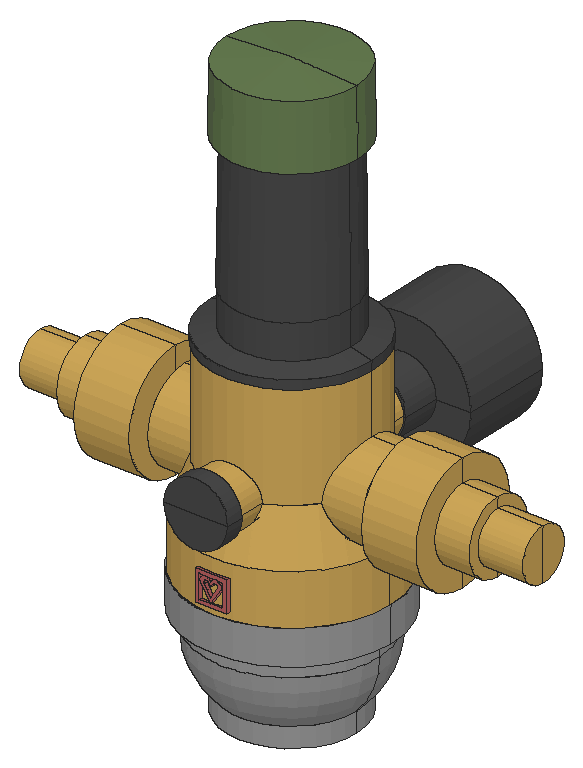
Revit family "Мембранный редуктор давления с крышкой фильтрующего элемента из прозрачного пластика 2682", category Rohrzubehör, Revit 2021
Family settings
  Bemaßung runder Anschluss = Durchmesser verwenden
  Teiletyp = Unterbricht
  OmniClass-Nummer = 23.65.55.14
  OmniClass-Titel = Valves for Liquid Services
  Arbeitsebenenbasiert = Nein
  Immer vertikal = Ja
  Beim Laden mit Abzugskörper schneiden = Nein
  Gemeinsam genutzt = Nein
Parameters (values of type "Манометр сзади")
  Фильтрующий элемент = "нержавеющая сталь, размер ячейки 0.3 мм"  # constant formula
  Пружина = "пружинная сталь"  # constant formula
  Примечание = "В соответствии со статьей 33 Регламента REACH (Registration; Evaluation; Authorisation; Restriction of Chemicals) (EC № 1907/2006) мы обязаны указать, что свинец внесен в список SVHC (Substances of Very High Concern - вещества очень высокой важности) и весовой процент свинца во всех латунных компонентах заводского изготовления в наших изделиях, превышает 0,1 % (w/w) (CAS: 7439-92-1 / EINECS: 231-100-4).\r\nПоскольку свинец является легирующим компонентом сплава, прямое негативное влияние исключается, и поэтому дополнительной информации о безопасном использовании не требуется."
  Область применения = "Мембранный редуктор давления защищает установки от избыточного давления (снижает давление на входе до рабочего уровня).\r\nРедуктор также может использоваться в системах отопления для защиты водонагревателя от высокого давления.\r\nДавление на выходе настраивается в указанном диапазоне и не зависит от изменения давления на входе.\r\nДавление на выходе можно регулировать путем поворота зеленого маховика. \r\nПри повороте маховика по часовой стрелке увеличивается давление на выходе.\r\nПревышение значений, указанных на шкале редуктора, может привести к повреждению устройства.\r\nДля систем в частных домах рекомендуется установить давление на выходе равным 4 бара, что обеспечивает длительный срок службы изделия и низкие затраты во время его эксплуатации.\r\nПосле изменения настройки необходимо открыть и затем закрыть водоразборный кран и далее проконтролировать достигнутое значение настроенного давления по манометру при закрытом кране водоразбора."
  Номер заказа [instance] = size_lookup("2682_K_", "Artnr", 0, Nennweite)  # 1268211
  Направляющая пружины = "нержавеющая сталь"  # constant formula
  Маховик = "пластик PA6.6, зеленого цвета"  # constant formula
  Макс. рабочая температура = 40 °C  # constant formula
  Букса = "PA6.6"  # constant formula
  Заводская настройка давления на выходе = 300000.0 Pa  # constant formula
  W01 = 91.00°  # constant formula
  Vorne [instance] = no
  Vorgabe-Ansicht = 0.000 mm
  VRL03 [instance] = size_lookup("2682_K_", "VRL3", 1.000 mm, Nennweite)  # 23.500 mm
  VRL02 [instance] = size_lookup("2682_K_", "VRL2", 1.000 mm, Nennweite)  # 16.000 mm
  VRL01 [instance] = size_lookup("2682_K_", "VRL1", 1.000 mm, Nennweite)  # 73.500 mm
  VRD02 [instance] = size_lookup("2682_K_", "VRD2", 1.000 mm, Nennweite)  # 17.000 mm
  VRD01 [instance] = size_lookup("2682_K_", "VRD1", 1.000 mm, Nennweite)  # 10.500 mm
  VRAG [instance] = Nennweite / 2  # 7.500 mm
  URL = "www.herz-armaturen.ru"
  Стандарт = "EN 1567"  # constant formula
  SC_NennweiteBerechnet = 0
  SC_Dimension = ""
  SCTWSEQ = "AW;SBT_TYP_AW=\"111\";2"
  SCTWCODE = "04;24;02"  # constant formula
  S02 = 10.000 mm  # constant formula
  S01 [instance] = VRD02 * 2  # 34.000 mm
  R07 [instance] = R05 + 0.800 mm  # 9.300 mm
  R06 = 19.500 mm  # constant formula
  R05 [instance] = size_lookup("2682_K_", "R5", 1.000 mm, Nennweite)  # 8.500 mm
  R04 [instance] = size_lookup("2682_K_", "R4", 1.000 mm, Nennweite)  # 18.900 mm
  R03 [instance] = size_lookup("2682_K_", "R3", 1.000 mm, Nennweite)  # 19.250 mm
  R02 [instance] = size_lookup("2682_K_", "R2", 1.000 mm, Nennweite)  # 28.750 mm
  R01 [instance] = size_lookup("2682_K_", "R1", 1.000 mm, Nennweite)  # 23.250 mm
  Nennweite [instance] = 15.000 mm
  Мембрана = "EPDM"  # constant formula
  Среда = "Питьевая вода"  # constant formula
  Макс. давление на входе = 1600000.0 Pa  # constant formula
  Шкала манометра = "0 - 10 bar"  # constant formula
  Подключение манометра (с обеих сторон) = "1/4\" F (ISO 228-1)"
  LO01 [instance] = H02 - 2.000 mm  # 27.000 mm
  L01 [instance] = size_lookup("2682_K_", "L1", 1.000 mm, Nennweite)  # 10.600 mm
  L00 [instance] = size_lookup("2682_K_", "L", 1.000 mm, Nennweite)  # 84.000 mm
  Крышка = "пластик PA12, прозрачный"  # constant formula
  Соединение "американка" = "латунь CW617N"  # constant formula
  Hinten [instance] = yes
  Hersteller = "HERZ Armaturen Ges.m.b.H."  # constant formula
  H12 [instance] = size_lookup("2682_K_", "H12", 1.000 mm, Nennweite)  # 5.800 mm
  H11 [instance] = size_lookup("2682_K_", "H11", 1.000 mm, Nennweite)  # 10.000 mm
  H10 [instance] = size_lookup("2682_K_", "H10", 1.000 mm, Nennweite)  # 37.000 mm
  H09 [instance] = H01 + H04 - H05  # 84.500 mm
  H08 [instance] = size_lookup("2682_K_", "H8", 1.000 mm, Nennweite)  # 20.000 mm
  H07 [instance] = size_lookup("2682_K_", "H7", 1.000 mm, Nennweite)  # 10.000 mm
  H06 [instance] = size_lookup("2682_K_", "H6", 1.000 mm, Nennweite)  # 2.500 mm
  H05 [instance] = size_lookup("2682_K_", "H5", 1.000 mm, Nennweite)  # 4.700 mm
  H04 [instance] = size_lookup("2682_K_", "H4", 1.000 mm, Nennweite)  # 58.700 mm
  H03 [instance] = D02 + 1.000 mm  # 14.220 mm
  H02 [instance] = size_lookup("2682_K_", "H2", 1.000 mm, Nennweite)  # 29.000 mm
  H01 [instance] = size_lookup("2682_K_", "H1", 1.000 mm, Nennweite)  # 30.500 mm
  Корпус (DN32-DN50) = "литая латунь (EN 1982; CC770S)"  # constant formula
  Корпус (DN15-DN25) = "штампованная латунь (EN 12165; CW626N)"  # constant formula
  GT1 [instance] = size_lookup("2682_K_", "GT1", 1.000 mm, Nennweite)  # 12.000 mm
  GT [instance] = size_lookup("2682_K_", "GT", 1.000 mm, Nennweite)  # 13.200 mm
  Диапазон настройки выходного давления = "1.5 - 6 bar"  # constant formula
  Уплотнение в мембранном редукторе = "EPDM"  # constant formula
  Уплотнение соединения "американка" = "Klingersil C-4324"  # constant formula
  D09 [instance] = size_lookup("2682_K_", "D9", 1.000 mm, Nennweite)  # 19.000 mm
  D08 [instance] = size_lookup("2682_K_", "D8", 1.000 mm, Nennweite)  # 25.800 mm
  D07 [instance] = size_lookup("2682_K_", "D7", 1.000 mm, Nennweite)  # 29.000 mm
  D06 [instance] = size_lookup("2682_K_", "D6", 1.000 mm, Nennweite)  # 16.000 mm
  D05 [instance] = size_lookup("2682_K_", "D5", 1.000 mm, Nennweite)  # 16.800 mm
  D04 [instance] = size_lookup("2682_K_", "D4", 1.000 mm, Nennweite)  # 17.300 mm
  D03 [instance] = size_lookup("2682_K_", "D3", 1.000 mm, Nennweite)  # 23.500 mm
  D02 [instance] = size_lookup("2682_K_", "D2", 1.000 mm, Nennweite)  # 13.220 mm
  D01 [instance] = size_lookup("2682_K_", "D1", 1.000 mm, Nennweite)  # 9.525 mm
  B03 = 5.000 mm  # constant formula
  B02 = 26.000 mm  # constant formula
  B01 [instance] = size_lookup("2682_K_", "B1", 1.000 mm, Nennweite)  # 30.000 mm
  B00 [instance] = size_lookup("2682_K_", "B", 1.000 mm, Nennweite)  # 67.000 mm
  Наружная резьба подключения = "в соответствии с ISO 7-1 и ISO228"  # constant formula
Types (3, lengths in mm): name | Vorne | Hinten
  (no name) | no | yes
  Манометр спереди | yes | no
  Манометр сзади | no | yes
Reference planes
  plane 1 "Mitte (Vorne/hinten)": y = 0
  plane 2: z = 0
  plane 3 "Mitte (Links/rechts)": x = 0
Forms (mm)
  Revolve 1, solid, material "Messing, weicher Gelbton, geschweißt", detail levels fine
    sketch origin (0, 0, 0) x (1, 0, 0) y (0, 0, 1)
      loop
        line (-42, 0) -> (42, 0) -> (42, 9.525) -> (31.4, 9.525) -> (31.4, 13.22) -> (-31.4, 13.22) -> (-31.4, 9.525) -> (-42, 9.525) -> (-42, 0)
      axis (-42, 0) -> (42, 0)
    angle from 0 to 360
  Revolve 2, solid, material "Messing, weicher Gelbton, geschweißt", detail levels fine
    sketch origin (0, 0, 0) x (1, 0, 0) y (0, 0, 1)
      loop
        line (0, -29) -> (28.75, -29) -> (28.75, -14.22) -> (23.25, 0) -> (23.25, 30.5) -> (0, 30.5) -> (0, -29)
      axis (0, 30.5) -> (0, -29)
    angle from 0 to 360
  Revolve 3, solid, material "Acetalharz, Schwarz", detail levels fine
    sketch origin (0, 0, 0) x (1, 0, 0) y (0, 0, 1)
      loop
        line (0, 30.5) -> (0, 89.2) -> (-16, 89.2) -> (-16, 84.5) -> (-16.8, 84.5) -> (-17.3, 44.5) -> (-17.3, 34.5) -> (-23.5, 33) -> (-23.5, 30.5) -> (0, 30.5)
      axis (0, 89.2) -> (0, 30.5)
    angle from 0 to 360
  Revolve 4, solid, material "Kunststoff GRÜN", detail levels fine
    sketch origin (0, 0, 0) x (1, 0, 0) y (0, 0, 1)
      loop
        line (0, 84.5) -> (19.25, 84.5) -> (18.9, 103.392)
        arc (18.9, 103.392) -> (9.466, 104.223) -> (0, 104.5) r 161.794
        line (0, 104.5) -> (0, 84.5)
      axis (0, 104.5) -> (0, 84.5)
    angle from 0 to 360
  Revolve 5, solid, material "Kunststoff, transparent", detail levels fine
    sketch origin (0, 0, 0) x (1, 0, 0) y (0, 0, 1)
      loop
        line (0, -29) -> (0, -66) -> (19, -66) -> (19, -60.2)
        arc (19, -60.2) -> (24.034, -52.577) -> (25.8, -43.615) r 23.626
        line (25.8, -43.615) -> (25.8, -39) -> (29, -39) -> (29, -29) -> (0, -29)
      axis (0, -29) -> (0, -66)
    angle from 0 to 360
  Revolve 6, solid, material "Messing, weicher Gelbton, geschweißt", detail levels fine
    sketch origin (0, 0, 0) x (1, 0, 0) y (0, 0, 1)
      loop
        line (34, 9.525) -> (46, 9.525) -> (46, 0) -> (73.5, 0) -> (73.5, 7.5) -> (60.3, 7.5) -> (60.3, 10.5) -> (50, 10.5) -> (50, 17) -> (34, 17) -> (34, 9.525)
      loop
        line (-34, 9.525) -> (-34, 17) -> (-50, 17) -> (-50, 10.5) -> (-60.3, 10.5) -> (-60.3, 7.5) -> (-73.5, 7.5) -> (-73.5, 0) -> (-46, 0) -> (-46, 9.525) -> (-34, 9.525)
      axis (-73.5, 0) -> (73.5, 0)
    angle from 0 to 360
  Revolve 7, solid, material "Messing, weicher Gelbton, geschweißt", detail levels fine
    sketch origin (0, 0, 0) x (1, 0, 0) y (0, 1, 0)
      loop
        line (0, 30) -> (0, -30) -> (8.5, -30) -> (8.5, 30) -> (0, 30)
      axis (0, 30) -> (0, -30)
    angle from 0 to 360
  Revolve 8, solid, material "Acetalharz, Schwarz", visible <- "Vorne", detail levels fine
    sketch origin (0, 0, 0) x (1, 0, 0) y (0, 1, 0)
      loop
        line (0, -30) -> (0, -65) -> (17.5, -65) -> (17.5, -67) -> (19.5, -67) -> (19.5, -41) -> (9.3, -41) -> (9.3, -30) -> (0, -30)
      axis (0, -30) -> (0, -67)
    angle from 0 to 360
  Revolve 9, solid, material "Acetalharz, Schwarz", visible <- "Vorne", detail levels fine
    sketch origin (0, 0, 0) x (1, 0, 0) y (0, 1, 0)
      loop
        line (0, 30) -> (9.3, 30) -> (9.3, 35) -> (0, 35) -> (0, 30)
      axis (0, 35) -> (0, 30)
    angle from 0 to 360
  Revolve 10, solid, material "Acetalharz, Schwarz", visible <- "Hinten", detail levels fine
    sketch origin (0, 0, 0) x (1, 0, 0) y (0, -1, 0)
      loop
        line (0, 30) -> (9.3, 30) -> (9.3, 35) -> (0, 35) -> (0, 30)
      axis (0, 35) -> (0, 30)
    angle from 0 to 360
  Revolve 11, solid, material "Acetalharz, Weiß", visible <- "Vorne", detail levels fine
    sketch origin (0, 0, 0) x (1, 0, 0) y (0, 1, 0)
      loop
        line (0, -65) -> (0, -66.5) -> (17.5, -66.5) -> (17.5, -65) -> (0, -65)
      axis (0, -65) -> (0, -66.5)
    angle from 0 to 360
  Revolve 12, solid, material "Acetalharz, Schwarz", visible <- "Hinten", detail levels fine
    sketch origin (0, 0, 0) x (1, 0, 0) y (0, -1, 0)
      loop
        line (0, -30) -> (0, -65) -> (17.5, -65) -> (17.5, -67) -> (19.5, -67) -> (19.5, -41) -> (9.3, -41) -> (9.3, -30) -> (0, -30)
      axis (0, -30) -> (0, -67)
    angle from 0 to 360
  Revolve 13, solid, material "Acetalharz, Weiß", visible <- "Hinten", detail levels fine
    sketch origin (0, 0, 0) x (1, 0, 0) y (0, -1, 0)
      loop
        line (0, -65) -> (0, -66.5) -> (17.5, -66.5) -> (17.5, -65) -> (0, -65)
      axis (0, -65) -> (0, -66.5)
    angle from 0 to 360
Lines and regions (mm)
  model lines, detail levels coarse+medium
    curve 1: line (-42, 0, -17) -> (-42, 0, 17)
    curve 2: line (-42, 0, 17) -> (42, 0, -34)
    curve 3: line (42, 0, -34) -> (42, 0, 34)
    curve 4: line (42, 0, 34) -> (-42, 0, -17)
    curve 5: line (-42, 0, 17) -> (-52, 0, 17)
    curve 6: line (-52, 0, 17) -> (-42, 0, 0)
    curve 7: line (-42, 0, -17) -> (-52, 0, -17)
    curve 8: line (-52, 0, -17) -> (-42, 0, 0)
    curve 9: line (-42, 0, 0) -> (-73.5, 0, 0)
    curve 10: line (42, 0, 17) -> (52, 0, 17)
    curve 11: line (52, 0, 17) -> (42, 0, 0)
    curve 12: line (42, 0, -17) -> (52, 0, -17)
    curve 13: line (52, 0, -17) -> (42, 0, 0)
    curve 14: line (42, 0, 0) -> (73.5, 0, 0)
    curve 15: line (-42, -17, 0) -> (-42, 17, 0)
    curve 16: line (-42, 17, 0) -> (42, -34, 0)
    curve 17: line (42, -34, 0) -> (42, 34, 0)
    curve 18: line (42, 34, 0) -> (-42, -17, 0)
    curve 19: line (-42, 17, 0) -> (-52, 17, 0)
    curve 20: line (-52, 17, 0) -> (-42, 0, 0)
    curve 21: line (-42, -17, 0) -> (-52, -17, 0)
    curve 22: line (-52, -17, 0) -> (-42, 0, 0)
    curve 23: line (42, 0, -17) -> (42, 0, 17)
    curve 24: line (42, 0, 17) -> (52, 0, 17)
    curve 25: line (52, 0, 17) -> (42, 0, 0)
    curve 26: line (42, 17, 0) -> (52, 17, 0)
    curve 27: line (52, 17, 0) -> (42, 0, 0)
    curve 28: line (42, -17, 0) -> (52, -17, 0)
    curve 29: line (52, -17, 0) -> (42, 0, 0)
Dimensions and locks
  equal spacing: Revolve 1 sketch curve, plane 3 "Mitte (Links/rechts)", Revolve 1 sketch curve
  "L00": Revolve 1 sketch curve to Revolve 1 sketch curve
  "L01": Revolve 1 sketch curve to Revolve 1 sketch curve  (x2)
  "D01": Revolve 1 sketch curve to Revolve 1 sketch curve  (x2)
  "D02": Revolve 1 sketch curve to plane 2
  "R01": Revolve 2 sketch curve to Revolve 2 sketch curve
  "R02": Revolve 2 sketch curve to Revolve 2 sketch curve
  "H01": Revolve 2 sketch curve to plane 2
  "H02": plane 2 to Revolve 2 sketch curve
  "H03": plane 2 to Revolve 2 sketch curve
  "H01": Revolve 3 sketch curve to plane 2
  "H04": Revolve 3 sketch curve to Revolve 3 sketch curve
  "H05": Revolve 3 sketch curve to Revolve 3 sketch curve
  "H06": Revolve 3 sketch curve to Revolve 3 sketch curve
  "H07": Revolve 3 sketch curve to Revolve 3 sketch curve
  "D03": Revolve 3 sketch curve to Revolve 3 sketch curve
  "D04": Revolve 3 sketch curve to Revolve 3 sketch curve
  "D05": Revolve 3 sketch curve to Revolve 3 sketch curve
  "D06": Revolve 3 sketch curve to Revolve 3 sketch curve
  "R03": Revolve 4 sketch curve to Revolve 4 sketch curve
  "H08": Revolve 4 sketch curve to Revolve 4 sketch curve
  "R04": Revolve 4 sketch curve to plane 3 "Mitte (Links/rechts)"
  "H09": Revolve 4 sketch curve to plane 2
  "H10": Revolve 5 sketch curve to Revolve 5 sketch curve
  "H02": plane 2 to Revolve 5 sketch curve
  "D07": Revolve 5 sketch curve to Revolve 5 sketch curve
  "H11": Revolve 5 sketch curve to Revolve 5 sketch curve
  "D08": Revolve 5 sketch curve to Revolve 5 sketch curve
  "H12": Revolve 5 sketch curve to Revolve 5 sketch curve
  "D09": Revolve 5 sketch curve to Revolve 5 sketch curve
  "VRL02": Revolve 6 sketch curve to Revolve 6 sketch curve  (x2)
  "VRL01": Revolve 6 sketch curve to plane 3 "Mitte (Links/rechts)"
  "GT": Revolve 6 sketch curve to Revolve 6 sketch curve  (x2)
  "VRL03": Revolve 6 sketch curve to Revolve 6 sketch curve  (x2)
  "D01": Revolve 6 sketch curve to plane 2  (x2)
  "GT1": Revolve 6 sketch curve to Revolve 6 sketch curve  (x2)
  "VRAG": Revolve 6 sketch curve to plane 2  (x2)
  "VRD01": Revolve 6 sketch curve to plane 2  (x2)
  "VRD02": Revolve 6 sketch curve to Revolve 6 sketch curve  (x2)
  "VRL01": plane 3 "Mitte (Links/rechts)" to Revolve 6 sketch curve
  "B01": Revolve 7 sketch curve to plane 1 "Mitte (Vorne/hinten)" to Revolve 7 sketch curve
  "R05": Revolve 7 sketch curve to Revolve 7 sketch curve
  "B00": Revolve 8 sketch curve to plane 1 "Mitte (Vorne/hinten)"
  "B01": plane 1 "Mitte (Vorne/hinten)" to Revolve 8 sketch curve
  "B02": Revolve 8 sketch curve to Revolve 8 sketch curve
  "R06": Revolve 8 sketch curve to Revolve 8 sketch curve
  "R07": Revolve 8 sketch curve to Revolve 8 sketch curve
  "R02": nested 1 to plane 1 "Mitte (Vorne/hinten)"
  "LO01": plane 2 to nested 1
  "VRD02": curve 2 to plane 2 to curve 4
  "S01": curve 4 to plane 2 to curve 3
  equal spacing: curve 3, plane 3 "Mitte (Links/rechts)", curve 1
  "L00": curve 3 to curve 1
  "S02": curve 1 to curve 6
  "S02": curve 1 to curve 8
  "VRL01": plane 3 "Mitte (Links/rechts)" to curve 9
  "S02": curve 11 to curve 3
  "S02": curve 13 to curve 3
  "VRL01": curve 14 to plane 3 "Mitte (Links/rechts)"
  "VRD02": curve 10 to plane 2 to curve 12
  equal spacing: curve 15, plane 3 "Mitte (Links/rechts)", curve 17
  "L00": curve 15 to curve 17
  "VRD02": curve 18 to plane 1 "Mitte (Vorne/hinten)" to curve 16
  "S01": curve 17 to plane 1 "Mitte (Vorne/hinten)" to curve 18
  "S02": curve 20 to curve 15
  "S02": curve 22 to curve 15
  "S02": curve 17 to curve 27
  "S02": curve 17 to curve 29
  "VRD02": curve 28 to plane 1 "Mitte (Vorne/hinten)" to curve 26
  "R07": Revolve 9 sketch curve to Revolve 9 sketch curve
  "B01": plane 1 "Mitte (Vorne/hinten)" to Revolve 9 sketch curve
  "B03": Revolve 9 sketch curve to Revolve 9 sketch curve
  "R07": Revolve 10 sketch curve to Revolve 10 sketch curve
  "B03": Revolve 10 sketch curve to Revolve 10 sketch curve
  "B01": Revolve 10 sketch curve to plane 1 "Mitte (Vorne/hinten)"
  "B02": Revolve 12 sketch curve to Revolve 12 sketch curve
  "R06": Revolve 12 sketch curve to Revolve 12 sketch curve
  "R07": Revolve 12 sketch curve to Revolve 12 sketch curve
  aligned and locked: level to plane 2
Automatic sketch dimensions
  Revolve 11 sketch curve to plane 3 "Mitte (Links/rechts)" = 0.000 mm  (x2)
  plane 3 "Mitte (Links/rechts)" to Revolve 11 sketch curve = 17.500 mm
  plane 1 "Mitte (Vorne/hinten)" to Revolve 11 sketch curve = 66.500 mm
  Revolve 11 sketch curve to Revolve 11 sketch curve = 1.500 mm
  Revolve 11 sketch curve to Revolve 11 sketch curve = 1933.500 mm
  Revolve 11 sketch curve to plane 1 "Mitte (Vorne/hinten)" = 2000.000 mm
  Revolve 13 sketch curve to plane 3 "Mitte (Links/rechts)" = 0.000 mm  (x2)
  Revolve 13 sketch curve to plane 3 "Mitte (Links/rechts)" = 17.500 mm
  plane 1 "Mitte (Vorne/hinten)" to Revolve 13 sketch curve = 66.500 mm
  Revolve 13 sketch curve to Revolve 13 sketch curve = 1.500 mm
  Revolve 13 sketch curve to Revolve 13 sketch curve = 1933.500 mm
  Revolve 13 sketch curve to plane 1 "Mitte (Vorne/hinten)" = 2000.000 mm
  curve 25 to level = 0.000 mm
  curve 14 to level = 0.000 mm
  curve 6 to level = 0.000 mm
  curve 8 to level = 0.000 mm
  curve 24 to curve 10 = 0.000 mm
  plane 1 "Mitte (Vorne/hinten)" to curve 29 = 0.000 mm
  plane 1 "Mitte (Vorne/hinten)" to curve 20 = 0.000 mm
  Revolve 1 sketch curve to level = 0.000 mm  (x2)
  Revolve 1 sketch curve to Revolve 1 sketch curve = 1464.530 mm
  Revolve 1 sketch curve to Revolve 1 sketch curve = 1797.148 mm
  Revolve 2 sketch curve to plane 3 "Mitte (Links/rechts)" = 0.000 mm  (x2)
  Revolve 2 sketch curve to level = 0.000 mm
  Revolve 2 sketch curve to Revolve 2 sketch curve = 337.045 mm
  Revolve 2 sketch curve to Revolve 2 sketch curve = 2183.815 mm
  Revolve 3 sketch curve to plane 3 "Mitte (Links/rechts)" = 0.000 mm  (x2)
  Revolve 3 sketch curve to Revolve 3 sketch curve = 1.500 mm
  Revolve 3 sketch curve to level = 366.045 mm
  Revolve 3 sketch curve to Revolve 3 sketch curve = 2125.115 mm
  Revolve 4 sketch curve to plane 3 "Mitte (Links/rechts)" = 0.000 mm  (x2)
  Revolve 4 sketch curve to level = 57.294 mm
  Revolve 4 sketch curve to Revolve 4 sketch curve = 308.751 mm
  Revolve 4 sketch curve to Revolve 4 sketch curve = 2109.815 mm
  Revolve 5 sketch curve to plane 3 "Mitte (Links/rechts)" = 0.000 mm  (x2)
  plane 3 "Mitte (Links/rechts)" to Revolve 5 sketch curve = 2.174 mm
  Revolve 5 sketch curve to Revolve 5 sketch curve = 300.045 mm
  level to Revolve 5 sketch curve = 2214.315 mm
  Revolve 6 sketch curve to level = 0.000 mm  (x3)
  Revolve 6 sketch curve to Revolve 6 sketch curve = 1433.030 mm
  Revolve 6 sketch curve to Revolve 6 sketch curve = 1765.648 mm
  Revolve 7 sketch curve to plane 3 "Mitte (Links/rechts)" = 0.000 mm  (x2)
  Revolve 7 sketch curve to Revolve 7 sketch curve = 1950.000 mm  (x2)
  Revolve 8 sketch curve to plane 3 "Mitte (Links/rechts)" = 0.000 mm  (x2)
  Revolve 8 sketch curve to Revolve 8 sketch curve = 2.000 mm  (x2)
  Revolve 8 sketch curve to Revolve 8 sketch curve = 0.000 mm
  Revolve 8 sketch curve to plane 1 "Mitte (Vorne/hinten)" = 2000.000 mm
  Revolve 9 sketch curve to plane 3 "Mitte (Links/rechts)" = 0.000 mm  (x2)
  plane 1 "Mitte (Vorne/hinten)" to Revolve 9 sketch curve = 2000.000 mm
  Revolve 9 sketch curve to Revolve 9 sketch curve = 1963.119 mm
  Revolve 10 sketch curve to plane 3 "Mitte (Links/rechts)" = 0.000 mm  (x2)
  plane 1 "Mitte (Vorne/hinten)" to Revolve 10 sketch curve = 2000.000 mm
  Revolve 10 sketch curve to Revolve 10 sketch curve = 1963.119 mm
  Revolve 12 sketch curve to plane 3 "Mitte (Links/rechts)" = 0.000 mm  (x2)
  Revolve 12 sketch curve to Revolve 12 sketch curve = 2.000 mm  (x2)
  plane 1 "Mitte (Vorne/hinten)" to Revolve 12 sketch curve = 67.000 mm
  Revolve 12 sketch curve to Revolve 12 sketch curve = 11.000 mm
  Revolve 12 sketch curve to Revolve 12 sketch curve = 0.000 mm
  Revolve 12 sketch curve to plane 1 "Mitte (Vorne/hinten)" = 2000.000 mm
Nested families
  nested 1: "Herz-Logo-vorne" at (0, -28.75, -22.5) x (0, 1, 0) z (0, 0, 1), type "Herz-Logo-vorne", detail levels fine
Connectors
  piping at (73.5, 0, 0), diameter 15, driven by "Nennweite"
    settings: on Revolve 6, index 1, connector inside diameter 609.6 mm, connector length 0.000 mm, flow factor 0, pipe flow 0.0 L/s, pressure drop 0.0 Pa, fitting loss kfactor 0, connector angle 0.00°, fixture units 0, engagement length 0.000 mm, angle of deflection 0.00°, flow configuration 0, flow direction 2, fitting loss method 0, system type 29, joint type 0, gender type 0, connector reference index -1, connector utility 0, adjustable connector no, is connector primary yes, connector description ""
  piping at (-73.5, 0, 0), diameter 15, driven by "Nennweite"
    settings: on Revolve 6, index 2, connector inside diameter 609.6 mm, connector length 0.000 mm, flow factor 0, pipe flow 0.0 L/s, pressure drop 0.0 Pa, fitting loss kfactor 0, connector angle 0.00°, fixture units 0, engagement length 0.000 mm, angle of deflection 0.00°, flow configuration 0, flow direction 1, fitting loss method 0, system type 29, joint type 0, gender type 0, connector reference index -1, connector utility 0, adjustable connector no, is connector primary no, connector description ""
Definition of nested family "Herz-Logo-vorne"
  Parameters (values of type "Herz-Logo-vorne")
    Default Elevation = 0.000 mm
  Reference planes
    plane 1 "Mitte (Vorne/hinten)": y = 0
    plane 2: z = 0
    plane 3 "Mitte (Links/rechts)": x = 0
  Forms (mm)
    Extrusion 1, solid
      sketch origin (0.732, -0.018, 0.017) x (0, -1, 0) y (0, 0, 1)
        loop
          line (-0.018, -4.517) -> (4.482, -4.517) -> (4.482, 4.483) -> (-4.518, 4.483) -> (-4.518, -4.517) -> (-0.018, -4.517)
        loop
          line (-0.05, -3.48) -> (3.482, -3.48) -> (3.482, 3.483) -> (-3.518, 3.483) -> (-3.518, -3.48) -> (-0.05, -3.48)
        loop
          arc (-0.018, 2.383) -> (-1.543, 3.287) -> (-3.067, 2.383) r 1.738
          arc (-3.067, 2.383) -> (-3.191, 1.899) -> (-3.067, 1.415) r 1.009
          line (-3.067, 1.415) -> (-0.018, -3.281) -> (3.032, 1.415)
          arc (3.032, 1.415) -> (3.156, 1.899) -> (3.032, 2.383) r 1.009
          arc (3.032, 2.383) -> (1.507, 3.287) -> (-0.018, 2.383) r 1.738
        loop
          arc (1.885, 1.272) -> (2.005, 1.675) -> (1.885, 2.079) r 0.74
          arc (1.885, 2.079) -> (1.265, 2.416) -> (0.644, 2.079) r 0.74
          line (0.644, 2.079) -> (-0.018, 0.97) -> (-0.679, 2.079)
          arc (-0.679, 2.079) -> (-1.3, 2.416) -> (-1.921, 2.079) r 0.74
          arc (-1.921, 2.079) -> (-2.04, 1.675) -> (-1.921, 1.272) r 0.74
          line (-1.921, 1.272) -> (-0.018, -1.658) -> (1.885, 1.272)
      from 0 to 1.5
  Dimensions and locks
    aligned and locked: level to plane 2
